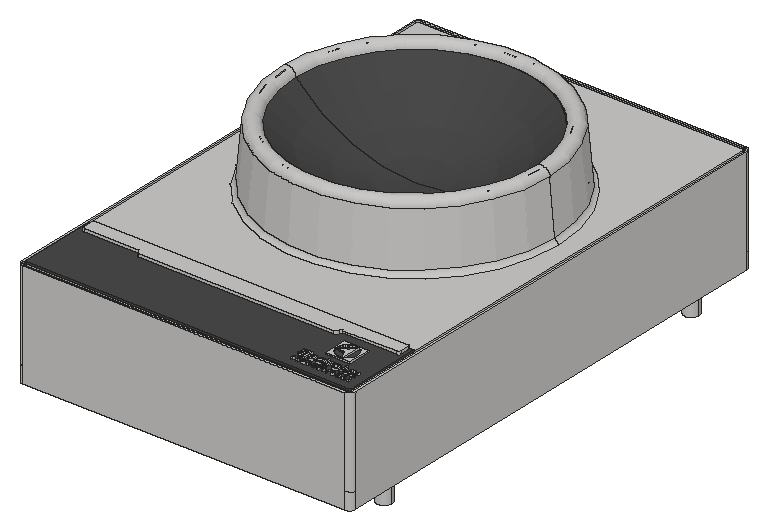
Revit family "QF_ELECTROLUXPROFESSIONAL_600905_E1HCEEOMCU", category Specialty Equipment, Revit 2018
Family settings
  Round Connector Dimension = Use Diameter
  Part Type = Normal
  Work Plane-Based = No
  Always vertical = Yes
  Cut with Voids When Loaded = No
  Shared = No
  Room Calculation Point = No
Parameters
  Watts = 0 W
  Volts = 0 V
  URL = ""
  Steam Supply Size = 0 mm
  Steam Supply Minimum Pressure = 0.0 Pa
  Steam Supply Maximum Pressure = 0.0 Pa
  Steam Pounds per Hour = 0
  Show Logo [instance] = yes
  Manufacturer = ""
  Phase = 0
  Model = ""
  Item Number = ""
  Hot Water Size = 0 mm
  HP = "4 HP"
  Gas Size = 0 mm
  Gas KW = 0
  Direct Waste Size = 0 mm
  Description = ""
  Cycle = 0 Hz
  Condensate Return Size = 0 mm
  Compressed Air Volume = 0.0 L/s
  Compressed Air Size = 0 mm
  Compressed Air Pressure = 0.0 Pa
  Cold Water Size = 0 mm
Reference planes
  plane 1 "Centro (Fronte/Retro)": y = 74.737
  plane 2: z = 0
  plane 3: x = -514.269
  plane 4 "LEFT": x = -714.269
  plane 5 "RIGHT": x = -314.269
  plane 6 "BACK": y = 374.737
  plane 7 "FRONT": y = -225.263
  plane 8: x = -712.269
  plane 9: y = 372.737
  plane 10: x = -316.269
  plane 11: y = -223.263
  plane 12: y = -124.263
  plane 13: x = -698.269
  plane 14: x = -330.269
  plane 15: y = 304.737
  plane 16: y = -155.263
  plane 17: x = -442.269
  plane 18: y = 179.737
  plane 19: z = 978
  plane 20 "wok": y = 120.237
  plane 21: z = 764
Forms (mm)
  Extrusion 1, solid, material "QF_Finishes_Stainless Steel"
    sketch origin (0, 0, 788) x (1, 0, 0) y (0, 1, 0)
      loop
        arc (-707.269, 374.737) -> (-712.218, 372.687) -> (-714.269, 367.737) r 7
        line (-714.269, 367.737) -> (-714.269, -218.263)
        arc (-714.269, -218.263) -> (-712.218, -223.213) -> (-707.269, -225.263) r 7
        line (-707.269, -225.263) -> (-321.269, -225.263)
        arc (-321.269, -225.263) -> (-316.319, -223.213) -> (-314.269, -218.263) r 7
        line (-314.269, -218.263) -> (-314.269, 367.737)
        arc (-314.269, 367.737) -> (-316.319, 372.687) -> (-321.269, 374.737) r 7
        line (-321.269, 374.737) -> (-707.269, 374.737)
    from 0 to 20
  Extrusion 2, solid, material "QF_Finishes_Stainless Steel"
    sketch origin (0, 0, 788) x (1, 0, 0) y (0, 1, 0)
      loop
        line (-321.269, 374.737) -> (-707.269, 374.737)
        arc (-707.269, 374.737) -> (-712.218, 372.687) -> (-714.269, 367.737) r 7
        line (-714.269, 367.737) -> (-714.269, -218.263)
        arc (-714.269, -218.263) -> (-712.218, -223.213) -> (-707.269, -225.263) r 7
        line (-707.269, -225.263) -> (-321.269, -225.263)
        arc (-321.269, -225.263) -> (-316.319, -223.213) -> (-314.269, -218.263) r 7
        line (-314.269, -218.263) -> (-314.269, 367.737)
        arc (-314.269, 367.737) -> (-316.319, 372.687) -> (-321.269, 374.737) r 7
      loop
        arc (-707.269, 372.737) -> (-710.804, 371.273) -> (-712.269, 367.737) r 5
        line (-712.269, 367.737) -> (-712.269, -218.263)
        arc (-712.269, -218.263) -> (-710.804, -221.798) -> (-707.269, -223.263) r 5
        line (-707.269, -223.263) -> (-321.269, -223.263)
        arc (-321.269, -223.263) -> (-317.733, -221.798) -> (-316.269, -218.263) r 5
        line (-316.269, -218.263) -> (-316.269, 367.737)
        arc (-316.269, 367.737) -> (-317.733, 371.273) -> (-321.269, 372.737) r 5
        line (-321.269, 372.737) -> (-707.269, 372.737)
    from 20 to 126
  Extrusion 3, solid, material "QF_Finishes_Black"
    sketch origin (0, 0, 914) x (-1, 0, 0) y (0, -1, 0)
      loop
        line (709.269, 124.263) -> (709.269, 218.263)
        arc (709.269, 218.263) -> (708.683, 219.677) -> (707.269, 220.263) r 2
        line (707.269, 220.263) -> (321.269, 220.263)
        arc (321.269, 220.263) -> (319.854, 219.677) -> (319.269, 218.263) r 2
        line (319.269, 218.263) -> (319.269, 124.263) -> (709.269, 124.263)
    from 0 to 2
  Extrusion 4, solid, material "QF_Finishes_Stainless Steel"
    sketch origin (0, 0, 914) x (-1, 0, 0) y (0, -1, 0)
      loop
        arc (701.269, 124.263) -> (703.39, 125.142) -> (704.269, 127.263) r 3
        line (704.269, 127.263) -> (704.269, 137.763)
        arc (704.269, 137.763) -> (703.39, 139.884) -> (701.269, 140.763) r 3
        line (701.269, 140.763) -> (637.269, 140.763)
        arc (637.269, 140.763) -> (635.147, 141.642) -> (634.269, 143.763) r 3
        arc (634.269, 143.763) -> (633.39, 145.884) -> (631.269, 146.763) r 3
        line (631.269, 146.763) -> (397.269, 146.763)
        arc (397.269, 146.763) -> (395.147, 145.884) -> (394.269, 143.763) r 3
        arc (394.269, 143.763) -> (393.39, 141.642) -> (391.269, 140.763) r 3
        line (391.269, 140.763) -> (327.269, 140.763)
        arc (327.269, 140.763) -> (325.147, 139.884) -> (324.269, 137.763) r 3
        line (324.269, 137.763) -> (324.269, 127.263)
        arc (324.269, 127.263) -> (325.147, 125.142) -> (327.269, 124.263) r 3
        line (327.269, 124.263) -> (701.269, 124.263)
    from 2 to 5
  Extrusion 5, solid, material "QF_Finishes_Stainless Steel"
    sketch origin (0, 0, 140) x (-1, 0, 0) y (0, -1, 0)
      loop
        circle (698.269, -304.737) r 9
      loop
        circle (330.269, -304.737) r 9
      loop
        circle (698.269, 155.263) r 9
      loop
        circle (330.269, 155.263) r 9
    from 624 to 648
  Extrusion 6, solid, material "QF_Finishes_Stainless Steel"
    sketch origin (0, 0, 140) x (-1, 0, 0) y (0, -1, 0)
      loop
        circle (442.269, -179.737) r 10
    from 638.028 to 648
  Extrusion 7, solid, material "QF_Finishes_Stainless Steel"
    sketch origin (0, 96, 912) x (-1, 0, 0) y (0, -1, 0)
      loop
        arc (707.269, -273.737) -> (708.683, -273.151) -> (709.269, -271.737) r 2
        line (709.269, -271.737) -> (709.269, 220.263) -> (319.269, 220.263) -> (319.269, -271.737)
        arc (319.269, -271.737) -> (319.854, -273.151) -> (321.269, -273.737) r 2
        line (321.269, -273.737) -> (707.269, -273.737)
    from 0 to 2
  Revolve 8, solid, material "QF_Finishes_Stainless Steel"
    sketch origin (0, 120.237, 14) x (-1, 0, 0) y (0, 0, 1)
      loop
        arc (349.07, 900) -> (350.454, 902.553) -> (351.23, 905.352) r 12.856
        line (351.23, 905.352) -> (357.255, 968.615)
        arc (357.255, 968.615) -> (361.677, 972.996) -> (366.45, 969) r 4.622
        line (366.45, 969) -> (371.472, 969)
        arc (371.472, 969) -> (361.87, 978) -> (352.269, 969) r 9.622
        line (352.269, 969) -> (346.269, 906)
        arc (346.269, 906) -> (344.567, 902.335) -> (341.269, 900) r 7.856
        line (341.269, 900) -> (349.07, 900)
      axis (514.269, 900) -> (514.269, 969)
    angle from 0 to 360
  Revolve 9, solid, material "QF_Finishes_Black"
    sketch origin (0, 120.237, 14) x (-1, 0, 0) y (0, 0, 1)
      loop
        line (371.472, 969) -> (366.45, 969)
        arc (366.45, 969) -> (432.848, 918.929) -> (514.269, 902) r 190.056
        line (514.269, 902) -> (514.269, 906)
        arc (514.269, 906) -> (436.232, 922.453) -> (371.472, 969) r 193.372
      axis (514.269, 969) -> (514.269, 902)
    angle from 0 to 360
Cuts and joins
  joined: Extrusion 1, Extrusion 2
Lines and regions (mm)
  symbolic lines
    curve 1: line (-321.269, 374.737, 126) -> (-707.269, 374.737, 126)
    curve 2: arc (-707.269, 374.737, 126) -> (-712.218, 372.687, 126) -> (-714.269, 367.737, 126) r 7
    curve 3: line (-714.269, 367.737, 126) -> (-714.269, -218.263, 126)
    curve 4: arc (-714.269, -218.263, 126) -> (-712.218, -223.213, 126) -> (-707.269, -225.263, 126) r 7
    curve 5: line (-707.269, -225.263, 126) -> (-321.269, -225.263, 126)
    curve 6: arc (-321.269, -225.263, 126) -> (-316.319, -223.213, 126) -> (-314.269, -218.263, 126) r 7
    curve 7: line (-314.269, -218.263, 126) -> (-314.269, 367.737, 126)
    curve 8: arc (-314.269, 367.737, 126) -> (-316.319, 372.687, 126) -> (-321.269, 374.737, 126) r 7
    curve 9: line (-707.269, 372.737, 126) -> (-321.269, 372.737, 126)
    curve 10: arc (-321.269, 372.737, 126) -> (-317.733, 371.273, 126) -> (-316.269, 367.737, 126) r 5
    curve 11: line (-316.269, 367.737, 126) -> (-316.269, -218.263, 126)
    curve 12: arc (-316.269, -218.263, 126) -> (-317.733, -221.798, 126) -> (-321.269, -223.263, 126) r 5
    curve 13: line (-321.269, -223.263, 126) -> (-707.269, -223.263, 126)
    curve 14: arc (-707.269, -223.263, 126) -> (-710.804, -221.798, 126) -> (-712.269, -218.263, 126) r 5
    curve 15: line (-712.269, -218.263, 126) -> (-712.269, 367.737, 126)
    curve 16: arc (-712.269, 367.737, 126) -> (-710.804, 371.273, 126) -> (-707.269, 372.737, 126) r 5
    curve 17: line (-631.269, -146.763, 126) -> (-397.269, -146.763, 126)
    curve 18: arc (-397.269, -146.763, 126) -> (-395.147, -145.884, 126) -> (-394.269, -143.763, 126) r 3
    curve 19: arc (-394.269, -143.763, 126) -> (-393.39, -141.642, 126) -> (-391.269, -140.763, 126) r 3
    curve 20: line (-391.269, -140.763, 126) -> (-327.269, -140.763, 126)
    curve 21: arc (-327.269, -140.763, 126) -> (-325.147, -139.884, 126) -> (-324.269, -137.763, 126) r 3
    curve 22: line (-324.269, -137.763, 126) -> (-324.269, -127.263, 126)
    curve 23: arc (-324.269, -127.263, 126) -> (-325.147, -125.142, 126) -> (-327.269, -124.263, 126) r 3
    curve 24: line (-319.269, -124.263, 126) -> (-709.269, -124.263, 126)
    curve 25: arc (-701.269, -124.263, 126) -> (-703.39, -125.142, 126) -> (-704.269, -127.263, 126) r 3
    curve 26: line (-704.269, -127.263, 126) -> (-704.269, -137.763, 126)
    curve 27: arc (-704.269, -137.763, 126) -> (-703.39, -139.884, 126) -> (-701.269, -140.763, 126) r 3
    curve 28: line (-701.269, -140.763, 126) -> (-637.269, -140.763, 126)
    curve 29: arc (-637.269, -140.763, 126) -> (-635.147, -141.642, 126) -> (-634.269, -143.763, 126) r 3
    curve 30: arc (-634.269, -143.763, 126) -> (-633.39, -145.884, 126) -> (-631.269, -146.763, 126) r 3
    curve 31: line (-319.269, -218.263, 126) -> (-319.269, 367.737, 126)
    curve 32: arc (-319.269, 367.737, 126) -> (-319.854, 369.151, 126) -> (-321.269, 369.737, 126) r 2
    curve 33: line (-321.269, 369.737, 126) -> (-707.269, 369.737, 126)
    curve 34: arc (-707.269, 369.737, 126) -> (-708.683, 369.151, 126) -> (-709.269, 367.737, 126) r 2
    curve 35: line (-709.269, 367.737, 126) -> (-709.269, -218.263, 126)
    curve 36: arc (-709.269, -218.263, 126) -> (-708.683, -219.677, 126) -> (-707.269, -220.263, 126) r 2
    curve 37: line (-707.269, -220.263, 126) -> (-321.269, -220.263, 126)
    curve 38: arc (-321.269, -220.263, 126) -> (-319.854, -219.677, 126) -> (-319.269, -218.263, 126) r 2
    curve 39: line (-378.626, -153.452, 126) -> (-378.626, -182.168, 126)
    curve 40: line (-378.626, -182.168, 126) -> (-349.912, -182.168, 126)
    curve 41: line (-349.912, -182.168, 126) -> (-349.912, -153.452, 126)
    curve 42: line (-349.912, -153.452, 126) -> (-378.626, -153.452, 126)
    curve 43: line (-375.841, -162.424, 126) -> (-375.07, -161.023, 126)
    curve 44: line (-375.07, -161.023, 126) -> (-374.141, -159.732, 126)
    curve 45: line (-374.141, -159.732, 126) -> (-373.065, -158.564, 126)
    curve 46: line (-373.065, -158.564, 126) -> (-371.856, -157.535, 126)
    curve 47: line (-371.856, -157.535, 126) -> (-370.527, -156.661, 126)
    curve 48: line (-370.527, -156.661, 126) -> (-369.091, -155.954, 126)
    curve 49: line (-369.091, -155.954, 126) -> (-367.562, -155.431, 126)
    curve 50: line (-367.562, -155.431, 126) -> (-365.952, -155.107, 126)
    curve 51: arc (-365.952, -155.107, 126) -> (-363.752, -155.007, 126) -> (-361.567, -155.279, 126) r 13.008
    curve 52: arc (-361.567, -155.279, 126) -> (-361.815, -157.647, 126) -> (-362.651, -159.876, 126) r 9.395
    curve 53: line (-362.651, -159.876, 126) -> (-363.438, -161.245, 126)
    curve 54: line (-363.438, -161.245, 126) -> (-364.403, -162.507, 126)
    curve 55: line (-364.403, -162.507, 126) -> (-365.524, -163.648, 126)
    curve 56: line (-365.524, -163.648, 126) -> (-366.781, -164.654, 126)
    curve 57: line (-366.781, -164.654, 126) -> (-368.151, -165.509, 126)
    curve 58: line (-368.151, -165.509, 126) -> (-369.615, -166.2, 126)
    curve 59: line (-369.615, -166.2, 126) -> (-371.15, -166.712, 126)
    curve 60: line (-371.15, -166.712, 126) -> (-372.736, -167.029, 126)
    curve 61: line (-372.736, -167.029, 126) -> (-374.352, -167.138, 126)
    curve 62: line (-374.352, -167.138, 126) -> (-377.067, -167.138, 126)
    curve 63: line (-377.067, -167.138, 126) -> (-376.852, -165.495, 126)
    curve 64: line (-376.852, -165.495, 126) -> (-376.439, -163.92, 126)
    curve 65: line (-376.439, -163.92, 126) -> (-375.841, -162.424, 126)
    curve 66: line (-360.221, -179.969, 126) -> (-360.221, -155.646, 126)
    curve 67: line (-360.221, -155.646, 126) -> (-358.743, -156.237, 126)
    curve 68: line (-358.743, -156.237, 126) -> (-357.363, -157.003, 126)
    curve 69: line (-357.363, -157.003, 126) -> (-356.095, -157.931, 126)
    curve 70: line (-356.095, -157.931, 126) -> (-354.951, -159.007, 126)
    curve 71: line (-354.951, -159.007, 126) -> (-353.945, -160.217, 126)
    curve 72: line (-353.945, -160.217, 126) -> (-353.092, -161.548, 126)
    curve 73: line (-353.092, -161.548, 126) -> (-352.403, -162.986, 126)
    curve 74: line (-352.403, -162.986, 126) -> (-351.894, -164.517, 126)
    curve 75: line (-351.894, -164.517, 126) -> (-351.576, -166.128, 126)
    curve 76: line (-351.576, -166.128, 126) -> (-351.464, -167.804, 126)
    curve 77: line (-351.464, -167.804, 126) -> (-351.567, -169.456, 126)
    curve 78: line (-351.567, -169.456, 126) -> (-351.873, -171.047, 126)
    curve 79: line (-351.873, -171.047, 126) -> (-352.372, -172.563, 126)
    curve 80: line (-352.372, -172.563, 126) -> (-353.05, -173.992, 126)
    curve 81: line (-353.05, -173.992, 126) -> (-353.897, -175.319, 126)
    curve 82: line (-353.897, -175.319, 126) -> (-354.899, -176.532, 126)
    curve 83: line (-354.899, -176.532, 126) -> (-356.044, -177.617, 126)
    curve 84: line (-356.044, -177.617, 126) -> (-357.321, -178.56, 126)
    curve 85: line (-357.321, -178.56, 126) -> (-358.718, -179.349, 126)
    curve 86: line (-358.718, -179.349, 126) -> (-360.221, -179.969, 126)
    curve 87: line (-369.613, -169.43, 126) -> (-368.15, -170.12, 126)
    curve 88: line (-368.15, -170.12, 126) -> (-366.78, -170.975, 126)
    curve 89: line (-366.78, -170.975, 126) -> (-365.524, -171.98, 126)
    curve 90: line (-365.524, -171.98, 126) -> (-364.403, -173.12, 126)
    curve 91: line (-364.403, -173.12, 126) -> (-363.439, -174.381, 126)
    curve 92: line (-363.439, -174.381, 126) -> (-362.652, -175.748, 126)
    curve 93: arc (-362.652, -175.748, 126) -> (-361.85, -177.982, 126) -> (-361.568, -180.34, 126) r 10.532
    curve 94: arc (-361.568, -180.34, 126) -> (-362.906, -180.548, 126) -> (-364.258, -180.63, 126) r 14.39
    curve 95: line (-364.258, -180.63, 126) -> (-365.828, -180.532, 126)
    curve 96: line (-365.828, -180.532, 126) -> (-367.331, -180.252, 126)
    curve 97: line (-367.331, -180.252, 126) -> (-368.77, -179.801, 126)
    curve 98: line (-368.77, -179.801, 126) -> (-370.134, -179.191, 126)
    curve 99: line (-370.134, -179.191, 126) -> (-371.411, -178.434, 126)
    curve 100: line (-371.411, -178.434, 126) -> (-372.589, -177.541, 126)
    curve 101: line (-372.589, -177.541, 126) -> (-373.656, -176.525, 126)
    curve 102: line (-373.656, -176.525, 126) -> (-374.6, -175.397, 126)
    curve 103: line (-374.6, -175.397, 126) -> (-375.41, -174.168, 126)
    curve 104: line (-375.41, -174.168, 126) -> (-376.073, -172.852, 126)
    curve 105: line (-376.073, -172.852, 126) -> (-376.579, -171.46, 126)
    curve 106: line (-376.579, -171.46, 126) -> (-376.915, -170.003, 126)
    curve 107: line (-376.915, -170.003, 126) -> (-377.069, -168.493, 126)
    curve 108: line (-377.069, -168.493, 126) -> (-374.35, -168.493, 126)
    curve 109: line (-374.35, -168.493, 126) -> (-372.734, -168.602, 126)
    curve 110: line (-372.734, -168.602, 126) -> (-371.148, -168.919, 126)
    curve 111: line (-371.148, -168.919, 126) -> (-369.613, -169.43, 126)
    curve 112: arc (-399.495, -197.154, 126) -> (-398.466, -199.638, 126) -> (-395.982, -200.667, 126) r 3.513
    curve 113: line (-395.982, -200.667, 126) -> (-392.408, -200.667, 126)
    curve 114: line (-392.408, -200.667, 126) -> (-392.408, -198.85, 126)
    curve 115: line (-392.408, -198.85, 126) -> (-395.966, -198.85, 126)
    curve 116: arc (-395.966, -198.85, 126) -> (-397.094, -198.382, 126) -> (-397.562, -197.254, 126) r 1.596
    curve 117: line (-397.562, -197.254, 126) -> (-397.562, -195.74, 126)
    curve 118: line (-397.562, -195.74, 126) -> (-392.843, -195.74, 126)
    curve 119: line (-392.843, -195.74, 126) -> (-392.843, -193.917, 126)
    curve 120: line (-392.843, -193.917, 126) -> (-397.563, -193.917, 126)
    curve 121: line (-397.563, -193.917, 126) -> (-397.563, -191.264, 126)
    curve 122: line (-397.563, -191.264, 126) -> (-392.542, -191.264, 126)
    curve 123: line (-392.542, -191.264, 126) -> (-392.542, -189.445, 126)
    curve 124: line (-392.542, -189.445, 126) -> (-399.495, -189.445, 126)
    curve 125: line (-399.495, -189.445, 126) -> (-399.495, -193.353, 126)
    curve 126: line (-399.495, -193.353, 126) -> (-399.495, -197.154, 126)
    curve 127: line (-389.101, -189.455, 126) -> (-391.035, -189.455, 126)
    curve 128: line (-391.035, -189.455, 126) -> (-391.035, -194.76, 126)
    curve 129: line (-391.035, -194.76, 126) -> (-391.035, -200.681, 126)
    curve 130: line (-391.035, -200.681, 126) -> (-389.101, -200.681, 126)
    curve 131: line (-389.101, -200.681, 126) -> (-389.101, -194.721, 126)
    curve 132: line (-389.101, -194.721, 126) -> (-389.101, -189.455, 126)
    curve 133: arc (-380.394, -193.787, 126) -> (-383.654, -192.313, 126) -> (-386.913, -193.787, 126) r 4.34
    curve 134: arc (-386.913, -193.787, 126) -> (-387.819, -196.606, 126) -> (-386.913, -199.425, 126) r 4.838
    curve 135: arc (-386.913, -199.425, 126) -> (-383.498, -200.88, 126) -> (-380.082, -199.425, 126) r 4.737
    curve 136: line (-380.082, -199.425, 126) -> (-381.246, -198.293, 126)
    curve 137: arc (-381.246, -198.293, 126) -> (-383.382, -199.237, 126) -> (-385.517, -198.293, 126) r 2.888
    curve 138: arc (-385.517, -198.293, 126) -> (-385.841, -197.736, 126) -> (-385.905, -197.095, 126) r 1.527
    curve 139: line (-385.905, -197.095, 126) -> (-379.564, -197.095, 126)
    curve 140: arc (-379.564, -197.095, 126) -> (-379.672, -195.364, 126) -> (-380.394, -193.787, 126) r 4.757
    curve 141: line (-381.505, -195.736, 126) -> (-385.858, -195.736, 126)
    curve 142: arc (-385.858, -195.736, 126) -> (-385.043, -194.411, 126) -> (-383.56, -193.941, 126) r 2.23
    curve 143: arc (-383.56, -193.941, 126) -> (-382.221, -194.482, 126) -> (-381.505, -195.736, 126) r 2.201
    curve 144: arc (-372.029, -198.26, 126) -> (-376.639, -196.593, 126) -> (-372.029, -194.927, 126) r 2.606
    curve 145: line (-372.029, -194.927, 126) -> (-370.832, -193.681, 126)
    curve 146: arc (-370.832, -193.681, 126) -> (-378.564, -196.594, 126) -> (-370.832, -199.507, 126) r 4.415
    curve 147: line (-370.832, -199.507, 126) -> (-372.029, -198.26, 126)
    curve 148: line (-369.629, -193.481, 126) -> (-369.629, -197.299, 126)
    curve 149: arc (-369.629, -197.299, 126) -> (-368.592, -199.893, 126) -> (-365.911, -200.681, 126) r 3.196
    curve 150: line (-365.911, -200.681, 126) -> (-365.904, -198.864, 126)
    curve 151: arc (-365.904, -198.864, 126) -> (-367.239, -198.457, 126) -> (-367.699, -197.14, 126) r 1.542
    curve 152: line (-367.699, -197.14, 126) -> (-367.699, -194.319, 126)
    curve 153: line (-367.699, -194.319, 126) -> (-365.94, -194.319, 126)
    curve 154: line (-365.94, -194.319, 126) -> (-365.94, -192.562, 126)
    curve 155: line (-365.94, -192.562, 126) -> (-367.696, -192.562, 126)
    curve 156: line (-367.696, -192.562, 126) -> (-367.696, -189.455, 126)
    curve 157: line (-367.696, -189.455, 126) -> (-369.629, -189.455, 126)
    curve 158: line (-369.629, -189.455, 126) -> (-369.629, -193.481, 126)
    curve 159: arc (-359.402, -192.451, 126) -> (-361.13, -192.587, 126) -> (-362.397, -193.771, 126) r 2.627
    curve 160: line (-362.397, -193.771, 126) -> (-362.397, -192.563, 126)
    curve 161: line (-362.397, -192.563, 126) -> (-364.315, -192.563, 126)
    curve 162: line (-364.315, -192.563, 126) -> (-364.315, -196.541, 126)
    curve 163: line (-364.315, -196.541, 126) -> (-364.315, -200.681, 126)
    curve 164: line (-364.315, -200.681, 126) -> (-362.397, -200.681, 126)
    curve 165: line (-362.397, -200.681, 126) -> (-362.397, -196.412, 126)
    curve 166: arc (-362.397, -196.412, 126) -> (-361.445, -194.585, 126) -> (-359.402, -194.319, 126) r 2.229
    curve 167: line (-359.402, -194.319, 126) -> (-359.402, -192.451, 126)
    curve 168: arc (-350.248, -196.625, 126) -> (-354.668, -192.205, 126) -> (-359.088, -196.625, 126) r 4.42
    curve 169: arc (-359.088, -196.625, 126) -> (-354.668, -201.046, 126) -> (-350.248, -196.625, 126) r 4.42
    curve 170: arc (-357.176, -196.625, 126) -> (-354.668, -194.117, 126) -> (-352.16, -196.625, 126) r 2.508
    curve 171: arc (-352.16, -196.625, 126) -> (-354.668, -199.134, 126) -> (-357.176, -196.625, 126) r 2.508
    curve 172: line (-347.124, -189.454, 126) -> (-349.058, -189.454, 126)
    curve 173: line (-349.058, -189.454, 126) -> (-349.058, -194.566, 126)
    curve 174: line (-349.058, -194.566, 126) -> (-349.058, -200.682, 126)
    curve 175: line (-349.058, -200.682, 126) -> (-347.124, -200.682, 126)
    curve 176: line (-347.124, -200.682, 126) -> (-347.124, -194.643, 126)
    curve 177: line (-347.124, -194.643, 126) -> (-347.124, -189.454, 126)
    curve 178: line (-343.697, -192.562, 126) -> (-345.646, -192.562, 126)
    curve 179: line (-345.646, -192.562, 126) -> (-345.646, -194.915, 126)
    curve 180: line (-345.646, -194.915, 126) -> (-345.646, -197.715, 126)
    curve 181: arc (-345.646, -197.715, 126) -> (-341.931, -201.044, 126) -> (-338.204, -197.728, 126) r 3.745
    curve 182: line (-338.204, -197.728, 126) -> (-338.204, -194.915, 126)
    curve 183: line (-338.204, -194.915, 126) -> (-338.204, -192.562, 126)
    curve 184: line (-338.204, -192.562, 126) -> (-340.152, -192.562, 126)
    curve 185: line (-340.152, -192.562, 126) -> (-340.152, -197.299, 126)
    curve 186: arc (-340.152, -197.299, 126) -> (-341.925, -199.071, 126) -> (-343.697, -197.299, 126) r 1.772
    curve 187: line (-343.697, -197.299, 126) -> (-343.697, -192.562, 126)
    curve 188: line (-334.237, -196.397, 126) -> (-335.916, -198.735, 126)
    curve 189: line (-335.916, -198.735, 126) -> (-337.313, -200.682, 126)
    curve 190: line (-337.313, -200.682, 126) -> (-335.235, -200.682, 126)
    curve 191: line (-335.235, -200.682, 126) -> (-333.174, -197.813, 126)
    curve 192: line (-333.174, -197.813, 126) -> (-331.112, -200.682, 126)
    curve 193: line (-331.112, -200.682, 126) -> (-329.034, -200.682, 126)
    curve 194: line (-329.034, -200.682, 126) -> (-330.891, -198.085, 126)
    curve 195: line (-330.891, -198.085, 126) -> (-332.11, -196.38, 126)
    curve 196: line (-332.11, -196.38, 126) -> (-330.601, -194.325, 126)
    curve 197: line (-330.601, -194.325, 126) -> (-329.308, -192.563, 126)
    curve 198: line (-329.308, -192.563, 126) -> (-331.418, -192.563, 126)
    curve 199: line (-331.418, -192.563, 126) -> (-333.174, -194.995, 126)
    curve 200: line (-333.174, -194.995, 126) -> (-334.946, -192.563, 126)
    curve 201: line (-334.946, -192.563, 126) -> (-337.039, -192.563, 126)
    curve 202: line (-337.039, -192.563, 126) -> (-335.839, -194.205, 126)
    curve 203: line (-335.839, -194.205, 126) -> (-334.237, -196.397, 126)
    curve 204: line (-399.467, -205.699, 126) -> (-399.467, -209.59, 126)
    curve 205: line (-399.467, -209.59, 126) -> (-398.667, -209.59, 126)
    curve 206: line (-398.667, -209.59, 126) -> (-398.667, -208.271, 126)
    curve 207: line (-398.667, -208.271, 126) -> (-397.697, -208.271, 126)
    curve 208: arc (-397.697, -208.271, 126) -> (-396.674, -206.863, 126) -> (-397.967, -205.699, 126) r 1.3
    curve 209: line (-397.967, -205.699, 126) -> (-399.467, -205.699, 126)
    curve 210: line (-398.667, -207.52, 126) -> (-398.667, -206.434, 126)
    curve 211: line (-398.667, -206.434, 126) -> (-397.861, -206.434, 126)
    curve 212: arc (-397.861, -206.434, 126) -> (-397.461, -206.977, 126) -> (-397.861, -207.52, 126) r 0.569
    curve 213: line (-397.861, -207.52, 126) -> (-398.667, -207.52, 126)
    curve 214: line (-393.389, -205.699, 126) -> (-393.389, -209.59, 126)
    curve 215: line (-393.389, -209.59, 126) -> (-392.589, -209.59, 126)
    curve 216: line (-392.589, -209.59, 126) -> (-392.589, -208.249, 126)
    curve 217: line (-392.589, -208.249, 126) -> (-391.763, -208.249, 126)
    curve 218: line (-391.763, -208.249, 126) -> (-390.957, -209.59, 126)
    curve 219: line (-390.957, -209.59, 126) -> (-390.05, -209.59, 126)
    curve 220: line (-390.05, -209.59, 126) -> (-391.058, -207.929, 126)
    curve 221: arc (-391.058, -207.929, 126) -> (-390.677, -206.531, 126) -> (-391.863, -205.699, 126) r 1.26
    curve 222: line (-391.863, -205.699, 126) -> (-393.389, -205.699, 126)
    curve 223: line (-392.589, -207.52, 126) -> (-392.589, -206.434, 126)
    curve 224: line (-392.589, -206.434, 126) -> (-391.782, -206.434, 126)
    curve 225: arc (-391.782, -206.434, 126) -> (-391.383, -206.977, 126) -> (-391.782, -207.52, 126) r 0.569
    curve 226: line (-391.782, -207.52, 126) -> (-392.589, -207.52, 126)
    curve 227: arc (-386.695, -207.668, 126) -> (-385.407, -206.38, 126) -> (-384.119, -207.668, 126) r 1.288
    curve 228: arc (-384.119, -207.668, 126) -> (-385.407, -208.956, 126) -> (-386.695, -207.668, 126) r 1.288
    curve 229: arc (-383.342, -207.668, 126) -> (-385.407, -205.603, 126) -> (-387.472, -207.668, 126) r 2.065
    curve 230: arc (-387.472, -207.668, 126) -> (-385.407, -209.733, 126) -> (-383.342, -207.668, 126) r 2.065
    curve 231: line (-379.969, -205.699, 126) -> (-379.969, -209.59, 126)
    curve 232: line (-379.969, -209.59, 126) -> (-379.169, -209.59, 126)
    curve 233: line (-379.169, -209.59, 126) -> (-379.169, -208.099, 126)
    curve 234: line (-379.169, -208.099, 126) -> (-377.704, -208.099, 126)
    curve 235: line (-377.704, -208.099, 126) -> (-377.704, -207.299, 126)
    curve 236: line (-377.704, -207.299, 126) -> (-379.169, -207.299, 126)
    curve 237: line (-379.169, -207.299, 126) -> (-379.169, -206.499, 126)
    curve 238: line (-379.169, -206.499, 126) -> (-377.564, -206.499, 126)
    curve 239: line (-377.564, -206.499, 126) -> (-377.564, -205.699, 126)
    curve 240: line (-377.564, -205.699, 126) -> (-379.969, -205.699, 126)
    curve 241: line (-374.264, -205.699, 126) -> (-374.264, -208.344, 126)
    curve 242: arc (-374.264, -208.344, 126) -> (-373.899, -209.225, 126) -> (-373.017, -209.59, 126) r 1.246
    curve 243: line (-373.017, -209.59, 126) -> (-371.761, -209.59, 126)
    curve 244: line (-371.761, -209.59, 126) -> (-371.761, -208.79, 126)
    curve 245: line (-371.761, -208.79, 126) -> (-372.922, -208.79, 126)
    curve 246: arc (-372.922, -208.79, 126) -> (-373.361, -208.576, 126) -> (-373.464, -208.099, 126) r 0.558
    curve 247: line (-373.464, -208.099, 126) -> (-371.907, -208.099, 126)
    curve 248: line (-371.907, -208.099, 126) -> (-371.907, -207.299, 126)
    curve 249: line (-371.907, -207.299, 126) -> (-373.464, -207.299, 126)
    curve 250: line (-373.464, -207.299, 126) -> (-373.464, -206.499, 126)
    curve 251: line (-373.464, -206.499, 126) -> (-371.799, -206.499, 126)
    curve 252: line (-371.799, -206.499, 126) -> (-371.799, -205.699, 126)
    curve 253: line (-371.799, -205.699, 126) -> (-374.264, -205.699, 126)
    curve 254: arc (-368.711, -208.718, 126) -> (-367.818, -209.538, 126) -> (-366.606, -209.568, 126) r 1.725
    curve 255: arc (-366.606, -209.568, 126) -> (-365.785, -208.793, 126) -> (-366.071, -207.702, 126) r 1.107
    curve 256: arc (-366.071, -207.702, 126) -> (-366.648, -207.348, 126) -> (-367.264, -207.067, 126) r 5.523
    curve 257: arc (-367.264, -207.067, 126) -> (-367.604, -206.55, 126) -> (-367.043, -206.293, 126) r 0.407
    curve 258: arc (-367.043, -206.293, 126) -> (-366.706, -206.498, 126) -> (-366.425, -206.775, 126) r 1.702
    curve 259: line (-366.425, -206.775, 126) -> (-365.74, -206.363, 126)
    curve 260: arc (-365.74, -206.363, 126) -> (-366.172, -205.902, 126) -> (-366.708, -205.566, 126) r 2.463
    curve 261: arc (-366.708, -205.566, 126) -> (-368.378, -206.347, 126) -> (-367.331, -207.864, 126) r 1.207
    curve 262: line (-367.331, -207.864, 126) -> (-366.868, -208.812, 126)
    curve 263: arc (-366.868, -208.812, 126) -> (-367.513, -208.798, 126) -> (-367.991, -208.367, 126) r 0.925
    curve 264: line (-367.991, -208.367, 126) -> (-368.711, -208.718, 126)
    curve 265: arc (-362.851, -208.718, 126) -> (-361.958, -209.538, 126) -> (-360.746, -209.568, 126) r 1.725
    curve 266: arc (-360.746, -209.568, 126) -> (-359.926, -208.793, 126) -> (-360.211, -207.702, 126) r 1.107
    curve 267: arc (-360.211, -207.702, 126) -> (-360.788, -207.348, 126) -> (-361.405, -207.067, 126) r 5.523
    curve 268: arc (-361.405, -207.067, 126) -> (-361.745, -206.55, 126) -> (-361.183, -206.293, 126) r 0.407
    curve 269: arc (-361.183, -206.293, 126) -> (-360.846, -206.498, 126) -> (-360.566, -206.775, 126) r 1.702
    curve 270: line (-360.566, -206.775, 126) -> (-359.88, -206.363, 126)
    curve 271: arc (-359.88, -206.363, 126) -> (-360.313, -205.902, 126) -> (-360.848, -205.566, 126) r 2.463
    curve 272: arc (-360.848, -205.566, 126) -> (-362.518, -206.347, 126) -> (-361.471, -207.864, 126) r 1.207
    curve 273: line (-361.471, -207.864, 126) -> (-361.009, -208.812, 126)
    curve 274: arc (-361.009, -208.812, 126) -> (-361.653, -208.798, 126) -> (-362.132, -208.367, 126) r 0.925
    curve 275: line (-362.132, -208.367, 126) -> (-362.851, -208.718, 126)
    curve 276: line (-356.591, -209.59, 126) -> (-355.791, -209.59, 126)
    curve 277: line (-355.791, -209.59, 126) -> (-355.791, -205.699, 126)
    curve 278: line (-355.791, -205.699, 126) -> (-356.591, -205.699, 126)
    curve 279: line (-356.591, -205.699, 126) -> (-356.591, -209.59, 126)
    curve 280: arc (-352.472, -207.668, 126) -> (-350.407, -209.733, 126) -> (-348.342, -207.668, 126) r 2.065
    curve 281: arc (-348.342, -207.668, 126) -> (-350.407, -205.603, 126) -> (-352.472, -207.668, 126) r 2.065
    curve 282: arc (-351.695, -207.668, 126) -> (-350.407, -206.38, 126) -> (-349.119, -207.668, 126) r 1.288
    curve 283: arc (-349.119, -207.668, 126) -> (-350.407, -208.956, 126) -> (-351.695, -207.668, 126) r 1.288
    curve 284: line (-345.051, -205.699, 126) -> (-345.051, -209.59, 126)
    curve 285: line (-345.051, -209.59, 126) -> (-344.221, -209.59, 126)
    curve 286: line (-344.221, -209.59, 126) -> (-344.221, -207.143, 126)
    curve 287: line (-344.221, -207.143, 126) -> (-342.441, -209.59, 126)
    curve 288: line (-342.441, -209.59, 126) -> (-341.641, -209.59, 126)
    curve 289: line (-341.641, -209.59, 126) -> (-341.641, -205.699, 126)
    curve 290: line (-341.641, -205.699, 126) -> (-342.471, -205.699, 126)
    curve 291: line (-342.471, -205.699, 126) -> (-342.471, -208.219, 126)
    curve 292: line (-342.471, -208.219, 126) -> (-344.251, -205.699, 126)
    curve 293: line (-344.251, -205.699, 126) -> (-345.051, -205.699, 126)
    curve 294: line (-336.895, -205.7, 126) -> (-338.488, -209.59, 126)
    curve 295: line (-338.488, -209.59, 126) -> (-337.629, -209.59, 126)
    curve 296: line (-337.629, -209.59, 126) -> (-337.25, -208.75, 126)
    curve 297: line (-337.25, -208.75, 126) -> (-335.811, -208.75, 126)
    curve 298: line (-335.811, -208.75, 126) -> (-335.432, -209.59, 126)
    curve 299: line (-335.432, -209.59, 126) -> (-334.574, -209.59, 126)
    curve 300: line (-334.574, -209.59, 126) -> (-336.095, -205.7, 126)
    curve 301: line (-336.095, -205.7, 126) -> (-336.895, -205.7, 126)
    curve 302: line (-336.947, -207.983, 126) -> (-336.529, -206.965, 126)
    curve 303: line (-336.529, -206.965, 126) -> (-336.131, -207.983, 126)
    curve 304: line (-336.131, -207.983, 126) -> (-336.947, -207.983, 126)
    curve 305: line (-331.398, -205.699, 126) -> (-331.398, -209.59, 126)
    curve 306: line (-331.398, -209.59, 126) -> (-329.102, -209.59, 126)
    curve 307: line (-329.102, -209.59, 126) -> (-329.102, -208.79, 126)
    curve 308: line (-329.102, -208.79, 126) -> (-330.599, -208.79, 126)
    curve 309: line (-330.599, -208.79, 126) -> (-330.599, -205.699, 126)
    curve 310: line (-330.599, -205.699, 126) -> (-331.398, -205.699, 126)
    curve 311: arc (-687.269, 120.237, 126) -> (-514.269, 293.237, 126) -> (-341.269, 120.237, 126) r 173
    curve 312: arc (-341.269, 120.237, 126) -> (-514.269, -52.763, 126) -> (-687.269, 120.237, 126) r 173
    curve 313: arc (-682.269, 120.237, 126) -> (-514.269, -47.763, 126) -> (-346.269, 120.237, 126) r 168
    curve 314: arc (-346.269, 120.237, 126) -> (-514.269, 288.237, 126) -> (-682.269, 120.237, 126) r 168
    curve 315: arc (-676.269, 120.237, 126) -> (-514.269, -41.763, 126) -> (-352.269, 120.237, 126) r 162
    curve 316: arc (-371.472, 120.237, 126) -> (-514.269, 263.034, 126) -> (-657.065, 120.237, 126) r 142.797
    curve 317: arc (-657.065, 120.237, 126) -> (-514.269, -22.56, 126) -> (-371.472, 120.237, 126) r 142.797
    curve 318: arc (-352.269, 120.237, 126) -> (-514.269, 282.237, 126) -> (-676.269, 120.237, 126) r 162
Dimensions and locks
  equal spacing: plane 4 "LEFT", plane 3, plane 5 "RIGHT"
  plane 4 "LEFT" to plane 5 "RIGHT" = 400 mm
  equal spacing: plane 6 "BACK", plane 1 "Centro (Fronte/Retro)", plane 7 "FRONT"
  plane 6 "BACK" to plane 7 "FRONT" = 600 mm
  locked: plane 4 "LEFT" to plane 13 at 16
  locked: plane 14 to plane 5 "RIGHT" at 16
  locked: plane 6 "BACK" to plane 15 at 70
  locked: plane 16 to plane 7 "FRONT" at 70
  locked: plane 17 to plane 5 "RIGHT" at 128
  locked: plane 6 "BACK" to plane 18 at 195
  Extrusion 4 to Extrusion 5 = 155 mm
  plane 19 to Extrusion 5 = 214 mm
  plane 21 to level = 764 mm
  aligned and locked: level to plane 2
  aligned and locked: Extrusion 5 to cut or joined group of Extrusion 1, Extrusion 2
Automatic sketch dimensions
  Extrusion 1 sketch curve to plane 4 "LEFT" = 0 mm
  Extrusion 1 sketch curve to plane 7 "FRONT" = 0 mm
  Extrusion 1 sketch curve to plane 6 "BACK" = 0 mm
  Extrusion 1 sketch curve to plane 5 "RIGHT" = 0 mm
  plane 8 to Extrusion 1 sketch curve = 5 mm  (x2)
  Extrusion 1 sketch curve to plane 10 = 5 mm  (x2)
  Extrusion 2 sketch curve to Extrusion 2 sketch curve = 0 mm  (x8)
  Extrusion 2 sketch curve to plane 4 "LEFT" = 0 mm
  Extrusion 2 sketch curve to plane 8 = 0 mm
  Extrusion 2 sketch curve to plane 6 "BACK" = 0 mm
  Extrusion 2 sketch curve to plane 7 "FRONT" = 0 mm
  Extrusion 2 sketch curve to plane 10 = 0 mm
  Extrusion 2 sketch curve to Extrusion 2 sketch curve = 5 mm  (x2)
  Extrusion 2 sketch curve to plane 10 = 5 mm  (x2)
  Extrusion 3 sketch curve to plane 12 = 0 mm
  Extrusion 3 sketch curve to plane 10 = 3 mm
  Extrusion 3 sketch curve to Extrusion 3 sketch curve = 2 mm  (x2)
  plane 8 to Extrusion 3 sketch curve = 5 mm
  plane 11 to Extrusion 3 sketch curve = 5 mm
  Extrusion 4 sketch curve to plane 12 = 0 mm
  plane 14 to Extrusion 4 sketch curve = 6 mm
  plane 14 to Extrusion 4 sketch curve = 3 mm
  Extrusion 4 sketch curve to Extrusion 4 sketch curve = 3 mm  (x2)
  plane 16 to Extrusion 4 sketch curve = 11.5 mm
  plane 17 to Extrusion 4 sketch curve = 51 mm
  Extrusion 4 sketch curve to Extrusion 4 sketch curve = 6 mm  (x2)
  plane 16 to Extrusion 4 sketch curve = 8.5 mm
  plane 13 to Extrusion 4 sketch curve = 67 mm
  Extrusion 4 sketch curve to plane 13 = 3 mm  (x2)
  Extrusion 4 sketch curve to plane 12 = 3 mm
  Extrusion 4 sketch curve to Extrusion 4 sketch curve = 10.5 mm  (x2)
  Extrusion 5 sketch curve to plane 14 = 0 mm  (x2)
  Extrusion 5 sketch curve to plane 13 = 0 mm  (x2)
  Extrusion 5 sketch curve to plane 15 = 0 mm  (x2)
  Extrusion 5 sketch curve to plane 16 = 0 mm  (x2)
  Extrusion 6 sketch curve to plane 17 = 0 mm
  Extrusion 6 sketch curve to plane 18 = 0 mm
  curve 2 to curve 16 = 0 mm
  curve 2 to curve 34 = 0 mm
  curve 4 to curve 14 = 0 mm
  curve 4 to curve 36 = 0 mm  (x2)
  curve 6 to curve 12 = 0 mm  (x2)
  curve 6 to curve 38 = 0 mm
  curve 8 to curve 10 = 0 mm  (x2)
  curve 8 to curve 32 = 0 mm
  curve 10 to curve 32 = 0 mm
  curve 12 to curve 38 = 0 mm
  curve 14 to curve 36 = 0 mm
  curve 168 to curve 170 = 0 mm  (x2)
  curve 181 to curve 186 = 0 mm  (x2)
  curve 227 to curve 229 = 0 mm
  curve 228 to curve 230 = 0 mm
  curve 254 to curve 263 = 0 mm  (x2)
  curve 257 to curve 261 = 0 mm  (x2)
  curve 265 to curve 274 = 0 mm  (x2)
  curve 268 to curve 272 = 0 mm  (x2)
  curve 280 to curve 282 = 0 mm
  curve 281 to curve 283 = 0 mm
  curve 7 to plane 5 "RIGHT" = 0 mm
  curve 10 to plane 10 = 0 mm
  curve 24 to plane 12 = 0 mm
  curve 6 to plane 7 "FRONT" = 0 mm
  curve 8 to plane 6 "BACK" = 0 mm
  curve 15 to plane 8 = 0 mm
  curve 38 to curve 37 = 2 mm
  curve 32 to curve 33 = 2 mm
  plane 14 to curve 22 = 6 mm
  curve 21 to curve 21 = 3 mm
  curve 23 to curve 23 = 3 mm
  plane 14 to curve 193 = 1.234 mm
  plane 14 to curve 307 = 1.166 mm
  plane 14 to curve 198 = 0.961 mm
  curve 310 to plane 14 = 0.33 mm
  curve 196 to plane 14 = 0.332 mm
  curve 194 to plane 14 = 0.622 mm
  curve 192 to plane 14 = 0.844 mm
  curve 305 to plane 14 = 1.13 mm
  curve 198 to plane 14 = 1.149 mm
  curve 196 to plane 14 = 1.842 mm
  curve 195 to curve 199 = 1.064 mm
  curve 195 to curve 192 = 1.064 mm
  curve 199 to curve 188 = 1.063 mm
  curve 305 to curve 299 = 3.175 mm
  curve 199 to curve 200 = 1.772 mm
  curve 191 to curve 190 = 2.061 mm
  curve 299 to curve 298 = 0.859 mm
  curve 298 to curve 297 = 0.379 mm
  curve 200 to curve 202 = 0.893 mm
  curve 190 to curve 188 = 0.68 mm
  curve 297 to curve 301 = 0.284 mm
  curve 297 to curve 303 = 0.32 mm
  curve 303 to curve 302 = 0.398 mm
  curve 300 to curve 301 = 0.8 mm
  curve 303 to curve 302 = 0.815 mm
  curve 202 to curve 202 = 1.2 mm
  curve 302 to curve 296 = 0.304 mm
  curve 190 to curve 190 = 2.078 mm
  curve 296 to curve 295 = 0.379 mm
  curve 201 to curve 184 = 1.165 mm
  curve 295 to curve 295 = 0.859 mm
  curve 183 to curve 185 = 1.948 mm
  curve 294 to curve 289 = 3.153 mm
  curve 186 to curve 181 = 1.772 mm
  curve 288 to curve 287 = 0.8 mm
  curve 287 to curve 292 = 0.03 mm
  curve 291 to curve 286 = 1.749 mm
  curve 286 to curve 293 = 0.031 mm
  curve 285 to curve 284 = 0.831 mm
  curve 178 to curve 179 = 1.95 mm
  curve 180 to curve 176 = 1.478 mm
  curve 176 to curve 173 = 1.934 mm
  curve 172 to curve 41 = 0.854 mm
  curve 284 to curve 280 = 5.356 mm
  curve 41 to curve 76 = 1.553 mm
  curve 76 to curve 77 = 0.102 mm
  curve 76 to curve 75 = 0.112 mm
  curve 77 to curve 78 = 0.306 mm
  curve 74 to plane 16 = 9.254 mm
  curve 75 to curve 74 = 0.317 mm
  curve 78 to curve 80 = 0.499 mm
  curve 73 to plane 16 = 7.723 mm
  curve 74 to curve 73 = 0.51 mm
  curve 79 to curve 81 = 0.679 mm
  curve 73 to plane 16 = 6.285 mm
  curve 73 to curve 73 = 0.688 mm
  curve 80 to curve 81 = 0.846 mm
  curve 72 to plane 16 = 4.954 mm
  curve 72 to curve 72 = 0.854 mm
  curve 173 to curve 170 = 5.61 mm
  curve 81 to curve 83 = 1.002 mm
  curve 70 to plane 16 = 3.744 mm
  curve 71 to curve 70 = 1.005 mm
  curve 280 to curve 277 = 5.384 mm
  curve 82 to curve 84 = 1.146 mm
  curve 70 to plane 16 = 2.668 mm
  curve 70 to curve 70 = 1.144 mm
  curve 277 to curve 279 = 0.8 mm
  curve 83 to curve 84 = 1.277 mm
  curve 69 to plane 16 = 1.74 mm
  curve 69 to curve 69 = 1.269 mm
  curve 84 to curve 85 = 1.396 mm
  curve 68 to plane 16 = 0.974 mm
  curve 68 to curve 68 = 1.38 mm
  curve 168 to curve 167 = 4.734 mm
  curve 278 to curve 270 = 3.289 mm
  curve 166 to curve 159 = 0.669 mm
  curve 159 to curve 166 = 0.097 mm
  curve 67 to plane 16 = 0.383 mm
  curve 67 to curve 67 = 1.478 mm
  curve 271 to curve 270 = 0.686 mm
  curve 269 to curve 266 = 0.424 mm
  curve 266 to curve 273 = 0.019 mm
  curve 266 to curve 274 = 0.322 mm
  curve 269 to curve 268 = 0.787 mm
  plane 11 to curve 273 = 15.399 mm
  curve 265 to curve 273 = 0.159 mm
  curve 272 to curve 271 = 0.407 mm
  curve 271 to curve 269 = 0.016 mm
  plane 11 to curve 275 = 14.896 mm
  curve 269 to curve 275 = 0.238 mm
  curve 166 to curve 165 = 2.229 mm
  curve 159 to curve 161 = 2.995 mm
  curve 53 to plane 16 = 4.613 mm
  curve 66 to curve 53 = 2.43 mm
  curve 66 to curve 92 = 2.431 mm
  plane 11 to curve 275 = 14.545 mm
  curve 274 to curve 275 = 0.719 mm
  curve 275 to curve 267 = 0.53 mm
  curve 54 to plane 16 = 5.982 mm
  curve 53 to curve 54 = 0.787 mm
  curve 92 to curve 92 = 0.787 mm
  curve 66 to curve 95 = 4.037 mm
  curve 91 to curve 51 = 0.823 mm
  curve 160 to curve 161 = 1.918 mm
  curve 55 to plane 16 = 7.244 mm
  curve 53 to curve 55 = 0.965 mm
  curve 91 to curve 91 = 0.964 mm
  curve 51 to curve 94 = 0.187 mm
  curve 90 to plane 16 = 16.717 mm
  curve 90 to curve 90 = 1.121 mm
  curve 55 to plane 16 = 8.385 mm
  curve 54 to curve 55 = 1.121 mm
  curve 265 to curve 259 = 2.889 mm
  curve 94 to curve 95 = 1.57 mm
  curve 163 to curve 150 = 1.589 mm
  curve 163 to curve 150 = 1.596 mm
  curve 161 to curve 153 = 1.625 mm
  plane 16 to curve 50 = 0.156 mm
  curve 66 to curve 50 = 5.73 mm
  curve 150 to curve 151 = 0.266 mm
  curve 260 to curve 259 = 0.686 mm
  curve 151 to curve 149 = 0.271 mm
  curve 88 to plane 16 = 15.712 mm
  curve 89 to curve 88 = 1.256 mm
  curve 57 to plane 16 = 9.391 mm
  curve 55 to curve 57 = 1.256 mm
  curve 259 to curve 255 = 0.424 mm
  plane 11 to curve 262 = 14.451 mm
  curve 255 to curve 262 = 0.019 mm
  curve 255 to curve 263 = 0.322 mm
  curve 259 to curve 261 = 0.787 mm
  plane 11 to curve 262 = 15.399 mm
  curve 254 to curve 262 = 0.159 mm
  curve 95 to curve 97 = 1.503 mm
  curve 50 to plane 16 = 0.168 mm
  curve 51 to curve 50 = 1.61 mm
  curve 154 to curve 156 = 1.755 mm
  curve 155 to curve 153 = 0.003 mm
  curve 261 to curve 260 = 0.407 mm
  curve 260 to curve 258 = 0.016 mm
  plane 11 to curve 264 = 14.896 mm
  curve 258 to curve 264 = 0.238 mm
  curve 87 to plane 16 = 14.857 mm
  curve 88 to curve 87 = 1.37 mm
  curve 58 to plane 16 = 10.246 mm
  curve 56 to curve 58 = 1.37 mm
  plane 11 to curve 264 = 14.545 mm
  curve 263 to curve 264 = 0.719 mm
  curve 96 to curve 98 = 1.439 mm
  curve 49 to plane 16 = 0.691 mm
  curve 49 to curve 49 = 1.53 mm
  curve 264 to curve 256 = 0.53 mm
  curve 111 to plane 16 = 14.167 mm
  curve 87 to curve 111 = 1.463 mm
  curve 59 to plane 16 = 10.937 mm
  curve 57 to curve 59 = 1.464 mm
  curve 152 to curve 158 = 1.931 mm
  curve 97 to curve 98 = 1.364 mm
  curve 48 to plane 16 = 1.398 mm
  curve 48 to curve 48 = 1.436 mm
  curve 148 to curve 145 = 1.203 mm
  curve 149 to curve 147 = 1.203 mm
  curve 52 to plane 16 = 0.227 mm
  curve 47 to curve 52 = 0.433 mm
  curve 110 to plane 16 = 13.656 mm
  curve 87 to curve 110 = 1.535 mm
  curve 59 to plane 16 = 11.449 mm
  curve 58 to curve 59 = 1.535 mm
  curve 98 to curve 100 = 1.277 mm
  curve 264 to curve 243 = 3.05 mm
  curve 244 to curve 252 = 0.038 mm
  curve 47 to plane 16 = 2.272 mm
  curve 47 to curve 47 = 1.329 mm
  curve 251 to curve 248 = 0.108 mm
  curve 145 to curve 145 = 1.197 mm
  curve 147 to curve 147 = 1.197 mm
  curve 99 to curve 93 = 0.689 mm
  curve 99 to curve 100 = 1.178 mm
  curve 109 to plane 16 = 13.339 mm
  curve 110 to curve 109 = 1.586 mm
  curve 61 to plane 16 = 11.766 mm
  curve 109 to curve 61 = 0.002 mm
  curve 247 to curve 246 = 1.015 mm
  curve 246 to curve 243 = 0.095 mm
  curve 46 to plane 16 = 3.301 mm
  curve 46 to curve 46 = 1.209 mm
  curve 246 to curve 249 = 0.541 mm
  curve 242 to curve 247 = 0.446 mm
  curve 101 to plane 16 = 21.262 mm
  curve 100 to curve 101 = 1.067 mm
  curve 147 to curve 144 = 2.004 mm
  curve 45 to plane 16 = 4.469 mm
  curve 45 to curve 45 = 1.076 mm
  curve 144 to curve 146 = 0.116 mm
  curve 246 to curve 241 = 0.8 mm
  curve 109 to curve 108 = 1.616 mm
  curve 61 to plane 16 = 11.875 mm
  curve 108 to curve 61 = 0.002 mm
  curve 103 to plane 16 = 20.134 mm
  curve 101 to curve 103 = 0.944 mm
  curve 43 to plane 16 = 5.76 mm
  curve 44 to curve 43 = 0.93 mm
  curve 103 to plane 16 = 18.905 mm
  curve 102 to curve 103 = 0.81 mm
  curve 43 to plane 16 = 7.161 mm
  curve 43 to curve 43 = 0.771 mm
  curve 105 to plane 16 = 17.589 mm
  curve 103 to curve 105 = 0.664 mm
  curve 65 to plane 16 = 8.657 mm
  curve 43 to curve 65 = 0.598 mm
  curve 105 to plane 16 = 16.197 mm
  curve 104 to curve 105 = 0.506 mm
  curve 64 to plane 16 = 10.232 mm
  curve 64 to curve 64 = 0.413 mm
  curve 107 to plane 16 = 14.74 mm
  curve 105 to curve 107 = 0.336 mm
  curve 63 to curve 63 = 0.215 mm
  curve 107 to plane 16 = 13.23 mm
  curve 62 to curve 107 = 0.002 mm
  curve 241 to curve 240 = 3.3 mm
  curve 238 to curve 235 = 0.141 mm
  plane 16 to curve 42 = 1.811 mm
  curve 45 to curve 42 = 5.561 mm
  curve 235 to curve 236 = 1.464 mm
  curve 234 to curve 236 = 0 mm
  curve 146 to curve 139 = 5.415 mm
  curve 232 to curve 232 = 0.8 mm
  plane 11 to curve 136 = 23.838 mm
  curve 140 to curve 136 = 0.518 mm
  plane 11 to curve 136 = 24.97 mm
  curve 135 to curve 136 = 1.164 mm
  curve 139 to curve 141 = 1.941 mm
  curve 141 to curve 134 = 1.476 mm
  curve 134 to curve 137 = 0.401 mm
  curve 137 to curve 135 = 0.116 mm
  curve 137 to curve 133 = 0.272 mm
  curve 135 to curve 143 = 0.171 mm
  curve 143 to curve 142 = 0.001 mm
  curve 133 to curve 140 = 0.632 mm
  curve 140 to curve 138 = 0.102 mm
  curve 231 to curve 228 = 5.439 mm
  curve 140 to curve 141 = 1.572 mm
  curve 142 to curve 139 = 0.048 mm
  curve 141 to curve 132 = 3.244 mm
  curve 227 to curve 219 = 4.643 mm
  curve 219 to curve 219 = 0.907 mm
  curve 127 to curve 128 = 1.933 mm
  plane 11 to curve 220 = 15.334 mm
  curve 218 to curve 220 = 0.101 mm
  curve 39 to curve 20 = 12.643 mm
  plane 11 to curve 218 = 15.014 mm
  curve 220 to curve 218 = 0.705 mm
  curve 221 to curve 224 = 0.725 mm
  curve 217 to curve 226 = 0.02 mm
  curve 224 to curve 222 = 0.08 mm
  curve 221 to curve 225 = 0.089 mm
  curve 129 to curve 115 = 1.373 mm
  curve 127 to curve 122 = 1.507 mm
  curve 217 to curve 217 = 0.826 mm
  curve 223 to curve 216 = 0 mm
  curve 128 to curve 120 = 1.808 mm
  curve 223 to curve 222 = 0.8 mm
  curve 114 to curve 115 = 3.558 mm
  curve 116 to curve 113 = 0.017 mm
  curve 19 to curve 18 = 6 mm
  curve 112 to curve 117 = 1.58 mm
  curve 117 to curve 120 = 0.001 mm
  curve 214 to curve 207 = 4.308 mm
  curve 207 to curve 213 = 0.164 mm
  curve 211 to curve 213 = 0 mm
  curve 212 to curve 209 = 0.107 mm
  curve 208 to curve 212 = 0.063 mm
  curve 208 to curve 206 = 0.97 mm
  curve 212 to curve 210 = 0.806 mm
  curve 210 to curve 209 = 0.8 mm
  curve 121 to curve 124 = 1.932 mm
  plane 16 to curve 17 = 8.5 mm
  plane 13 to curve 17 = 67 mm
  curve 30 to curve 28 = 6 mm
  curve 28 to plane 13 = 3 mm
  curve 25 to plane 13 = 3 mm
  curve 27 to curve 26 = 3 mm
  curve 33 to curve 35 = 2 mm
  curve 4 to curve 35 = 2 mm
  curve 25 to curve 27 = 10.5 mm
  curve 23 to curve 21 = 10.5 mm
  curve 19 to curve 19 = 3 mm
  curve 30 to curve 17 = 3 mm
  curve 74 to curve 75 = 1.611 mm
  curve 55 to curve 94 = 2.593 mm
  curve 75 to curve 76 = 1.677 mm
  curve 94 to curve 51 = 1.764 mm
  curve 76 to curve 78 = 1.652 mm
  curve 77 to curve 79 = 1.591 mm
  curve 78 to curve 79 = 1.516 mm
  curve 89 to curve 90 = 1.14 mm
  curve 79 to curve 81 = 1.429 mm
  curve 90 to curve 91 = 1.261 mm
  curve 80 to curve 82 = 1.327 mm
  curve 91 to curve 92 = 1.367 mm
  curve 81 to curve 83 = 1.213 mm
  curve 101 to curve 100 = 1.016 mm
  curve 82 to curve 84 = 1.085 mm
  curve 100 to curve 99 = 0.893 mm
  curve 83 to curve 85 = 0.943 mm
  curve 99 to curve 98 = 0.757 mm
  curve 84 to curve 86 = 0.789 mm
  curve 98 to curve 97 = 0.61 mm
  curve 85 to curve 66 = 0.62 mm
  curve 97 to curve 97 = 0.451 mm
  curve 99 to curve 93 = 1.968 mm
  curve 96 to curve 95 = 0.28 mm
  curve 95 to curve 95 = 0.098 mm
  curve 93 to curve 40 = 1.766 mm
  curve 124 to curve 137 = 8.848 mm
  curve 40 to curve 177 = 7.286 mm
  curve 123 to curve 128 = 0.01 mm
  curve 95 to curve 156 = 8.924 mm
  curve 124 to curve 121 = 1.819 mm
  curve 156 to curve 167 = 2.995 mm
  curve 156 to curve 156 = 3.107 mm
  curve 172 to curve 178 = 3.108 mm
  curve 178 to curve 183 = 0 mm
  curve 183 to curve 198 = 0.001 mm
  curve 159 to curve 160 = 0.113 mm
  curve 183 to curve 200 = 0.001 mm
  curve 121 to curve 126 = 2.089 mm
  curve 155 to curve 148 = 0.918 mm
  curve 148 to curve 145 = 0.2 mm
  curve 160 to curve 160 = 1.208 mm
  curve 125 to curve 120 = 0.564 mm
  curve 200 to curve 202 = 1.642 mm
  curve 154 to curve 154 = 1.756 mm
  curve 167 to curve 159 = 0.672 mm
  curve 198 to curve 196 = 1.761 mm
  curve 178 to curve 174 = 2.004 mm
  curve 173 to curve 176 = 0.077 mm
  curve 119 to curve 131 = 0.804 mm
  curve 131 to curve 128 = 0.039 mm
  curve 183 to curve 182 = 2.353 mm
  curve 176 to curve 180 = 0.272 mm
  curve 145 to curve 145 = 1.246 mm
  curve 196 to curve 199 = 0.67 mm
  curve 131 to curve 141 = 1.016 mm
  curve 120 to curve 117 = 1.823 mm
  curve 143 to curve 143 = 0.403 mm
  curve 143 to curve 135 = 0.003 mm
  curve 143 to curve 142 = 0.029 mm
  curve 135 to curve 137 = 0.207 mm
  curve 199 to curve 196 = 1.386 mm
  curve 199 to curve 203 = 1.402 mm
  curve 142 to curve 140 = 0.353 mm
  curve 165 to curve 163 = 0.129 mm
  curve 145 to curve 144 = 1.667 mm
  curve 144 to curve 146 = 0 mm
  curve 137 to curve 134 = 0.257 mm
  curve 167 to curve 170 = 2.307 mm
  curve 137 to curve 133 = 0.304 mm
  curve 139 to curve 136 = 1.198 mm
  curve 152 to curve 152 = 2.821 mm
  curve 117 to curve 126 = 1.414 mm
  curve 117 to curve 117 = 1.514 mm
  curve 140 to curve 138 = 0.744 mm
  curve 182 to curve 185 = 2.384 mm
  curve 152 to curve 148 = 0.159 mm
  curve 151 to curve 151 = 0.205 mm
  curve 151 to curve 149 = 0.184 mm
  curve 186 to curve 180 = 0.416 mm
  curve 188 to curve 191 = 1.417 mm
  curve 195 to curve 194 = 1.705 mm
  curve 182 to curve 189 = 1.007 mm
  curve 113 to curve 129 = 0.014 mm
  curve 150 to curve 164 = 0 mm
  curve 169 to curve 174 = 4.056 mm
  curve 194 to curve 193 = 2.596 mm
  curve 188 to curve 190 = 1.947 mm
  curve 136 to curve 240 = 6.273 mm
  curve 278 to curve 272 = 2.166 mm
  curve 222 to curve 221 = 2.23 mm
  curve 175 to curve 284 = 5.017 mm
  curve 292 to curve 289 = 0 mm
  curve 239 to curve 253 = 0 mm
  curve 192 to curve 305 = 5.017 mm
  curve 204 to curve 214 = 0 mm
  curve 305 to curve 301 = 0.001 mm
  curve 259 to curve 254 = 1.576 mm
  curve 270 to curve 272 = 1.502 mm
  curve 223 to curve 221 = 0.525 mm
  curve 209 to curve 211 = 0.735 mm
  curve 239 to curve 238 = 0.8 mm
  curve 252 to curve 252 = 0.8 mm
  curve 272 to curve 272 = 1.202 mm
  curve 257 to curve 261 = 1.202 mm
  curve 268 to curve 270 = 0.112 mm
  curve 257 to curve 259 = 0.112 mm
  curve 294 to curve 303 = 1.265 mm
  curve 212 to curve 212 = 0.543 mm
  curve 221 to curve 225 = 0.018 mm
  curve 212 to curve 208 = 0.022 mm
  curve 292 to curve 286 = 1.444 mm
  curve 237 to curve 237 = 0.8 mm
  curve 250 to curve 250 = 0.8 mm
  curve 284 to curve 280 = 1.969 mm
  curve 227 to curve 221 = 0.261 mm
  curve 260 to curve 261 = 0.061 mm
  curve 271 to curve 272 = 0.061 mm
  curve 271 to curve 269 = 0.035 mm
  curve 260 to curve 258 = 0.035 mm
  curve 272 to curve 265 = 0.075 mm
  curve 302 to curve 303 = 1.018 mm
  curve 249 to curve 247 = 0.8 mm
  curve 235 to curve 235 = 0.8 mm
  curve 286 to curve 292 = 1.076 mm
  curve 246 to curve 246 = 0.134 mm
  curve 246 to curve 241 = 0.245 mm
  curve 266 to curve 274 = 0.324 mm
  curve 255 to curve 263 = 0.324 mm
  curve 302 to curve 296 = 0.767 mm
  curve 309 to curve 308 = 3.091 mm
  curve 307 to curve 306 = 0.8 mm
  curve 216 to curve 215 = 1.341 mm
  curve 278 to curve 276 = 3.891 mm
  curve 233 to curve 233 = 1.491 mm
  curve 220 to curve 220 = 1.661 mm
  curve 206 to curve 206 = 1.319 mm
  curve 297 to curve 300 = 0.84 mm
  curve 286 to curve 284 = 2.447 mm
  curve 291 to curve 287 = 1.371 mm
  curve 296 to curve 296 = 0.84 mm
  curve 264 to curve 256 = 3.506 mm
  curve 275 to curve 267 = 3.506 mm
  curve 24 to plane 10 = 3 mm
  curve 281 to curve 280 = 2.065 mm
  curve 280 to curve 283 = 0.776 mm
  curve 173 to curve 168 = 1.19 mm
  curve 168 to curve 170 = 1.912 mm
  curve 266 to curve 269 = 0.355 mm
  curve 265 to curve 273 = 0.263 mm
  curve 268 to curve 269 = 0 mm
  curve 255 to curve 259 = 0.355 mm
  curve 254 to curve 262 = 0.263 mm
  curve 257 to curve 258 = 0 mm
  curve 140 to curve 143 = 1.111 mm
  curve 229 to curve 227 = 2.065 mm
  curve 229 to curve 228 = 0.776 mm
  curve 141 to curve 134 = 1.055 mm
  Extrusion 7 sketch curve to plane 12 = 0 mm
  Extrusion 7 sketch curve to plane 10 = 3 mm
  Extrusion 7 sketch curve to Extrusion 7 sketch curve = 2 mm  (x2)
  plane 8 to Extrusion 7 sketch curve = 5 mm
  Extrusion 7 sketch curve to plane 9 = 5 mm
  Revolve 8 sketch curve to Revolve 8 sketch curve = 0 mm  (x6)
  Revolve 8 sketch curve to plane 3 = 0 mm
  plane 19 to Revolve 8 sketch curve = 4.378 mm
  Revolve 8 sketch curve to plane 14 = 31.602 mm
  plane 19 to Revolve 8 sketch curve = 4.615 mm
  Revolve 8 sketch curve to Revolve 8 sketch curve = 4.616 mm
  plane 19 to Revolve 8 sketch curve = 5 mm
  Revolve 8 sketch curve to Revolve 8 sketch curve = 4.58 mm
  Revolve 8 sketch curve to Revolve 8 sketch curve = 4.961 mm
  Revolve 8 sketch curve to Revolve 8 sketch curve = 7.801 mm
  plane 19 to Revolve 8 sketch curve = 616 mm
  Revolve 8 sketch curve to Revolve 8 sketch curve = 4.986 mm
  Revolve 8 sketch curve to plane 14 = 20.961 mm
  Revolve 8 sketch curve to Revolve 8 sketch curve = 2.16 mm
  Revolve 9 sketch curve to plane 3 = 0 mm  (x2)
  plane 3 to Revolve 9 sketch curve = 2.959 mm
  Revolve 9 sketch curve to plane 3 = 0.017 mm
  Revolve 9 sketch curve to Revolve 9 sketch curve = 4 mm
  Revolve 9 sketch curve to Revolve 9 sketch curve = 7.339 mm
  plane 19 to Revolve 9 sketch curve = 5 mm
  Revolve 9 sketch curve to Revolve 9 sketch curve = 5.022 mm
  Revolve 9 sketch curve to Revolve 9 sketch curve = 48.628 mm
  curve 311 to plane 20 "wok" = 0 mm
  curve 311 to plane 3 = 0 mm
  curve 311 to plane 14 = 11 mm
  curve 311 to curve 313 = 0 mm  (x2)
  curve 311 to curve 314 = 5 mm
  curve 311 to curve 315 = 0 mm  (x2)
  curve 311 to curve 316 = 0 mm  (x2)
  curve 315 to curve 316 = 19.203 mm
  curve 313 to curve 315 = 6 mm
  Revolve 8 sketch curve to Revolve 8 sketch curve = 7.736 mm
